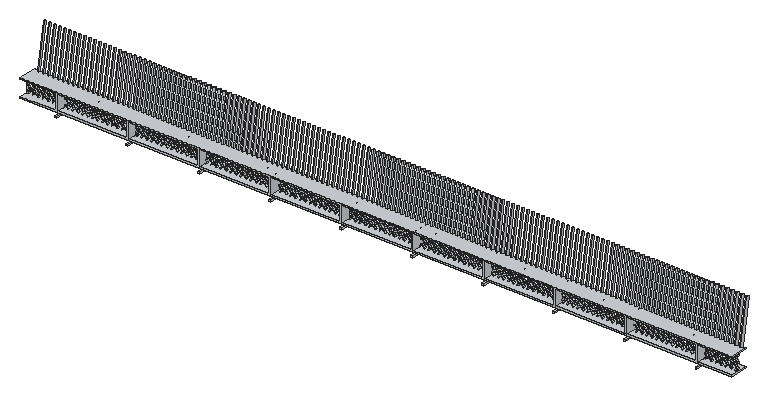
Revit family "Nedsale_venti panlat_Generic Model_2017", category Generic Models, Revit 2017 (continued)
Forms (mm)
  Extrusion 51, void
    sketch origin (676.237, 0, 0) x (1, 0, 0) y (0, 0, 1)
      loop
        line (13.002, 31) -> (9.002, 31) -> (7.002, 27.536) -> (9.002, 24.072) -> (13.002, 24.072) -> (15.002, 27.536) -> (13.002, 31)
      loop
        line (13.002, 22.964) -> (9.002, 22.964) -> (7.002, 19.5) -> (9.002, 16.036) -> (13.002, 16.036) -> (15.002, 19.5) -> (13.002, 22.964)
      loop
        line (13.002, 14.928) -> (9.002, 14.928) -> (7.002, 11.464) -> (9.002, 8) -> (13.002, 8) -> (15.002, 11.464) -> (13.002, 14.928)
      loop
        line (19.961, 26.982) -> (15.961, 26.982) -> (13.961, 23.518) -> (15.961, 20.054) -> (19.961, 20.054) -> (21.961, 23.518) -> (19.961, 26.982)
      loop
        line (19.961, 18.946) -> (15.961, 18.946) -> (13.961, 15.482) -> (15.961, 12.018) -> (19.961, 12.018) -> (21.961, 15.482) -> (19.961, 18.946)
      loop
        line (19.961, 10.91) -> (15.961, 10.91) -> (14.281, 8) -> (21.641, 8) -> (19.961, 10.91)
      loop
        line (21.641, 31) -> (14.281, 31) -> (15.961, 28.09) -> (19.961, 28.09) -> (21.641, 31)
    from -34.103 to 250
  Extrusion 52, void
    sketch origin (690.155, 0, 0) x (1, 0, 0) y (0, 0, 1)
      loop
        line (13.002, 31) -> (9.002, 31) -> (7.002, 27.536) -> (9.002, 24.072) -> (13.002, 24.072) -> (15.002, 27.536) -> (13.002, 31)
      loop
        line (13.002, 22.964) -> (9.002, 22.964) -> (7.002, 19.5) -> (9.002, 16.036) -> (13.002, 16.036) -> (15.002, 19.5) -> (13.002, 22.964)
      loop
        line (13.002, 14.928) -> (9.002, 14.928) -> (7.002, 11.464) -> (9.002, 8) -> (13.002, 8) -> (15.002, 11.464) -> (13.002, 14.928)
      loop
        line (19.961, 26.982) -> (15.961, 26.982) -> (13.961, 23.518) -> (15.961, 20.054) -> (19.961, 20.054) -> (21.961, 23.518) -> (19.961, 26.982)
      loop
        line (19.961, 18.946) -> (15.961, 18.946) -> (13.961, 15.482) -> (15.961, 12.018) -> (19.961, 12.018) -> (21.961, 15.482) -> (19.961, 18.946)
      loop
        line (19.961, 10.91) -> (15.961, 10.91) -> (14.281, 8) -> (21.641, 8) -> (19.961, 10.91)
      loop
        line (21.641, 31) -> (14.281, 31) -> (15.961, 28.09) -> (19.961, 28.09) -> (21.641, 31)
    from -34.103 to 250
  Extrusion 53, void
    sketch origin (704.074, 0, 0) x (1, 0, 0) y (0, 0, 1)
      loop
        line (13.002, 31) -> (9.002, 31) -> (7.002, 27.536) -> (9.002, 24.072) -> (13.002, 24.072) -> (15.002, 27.536) -> (13.002, 31)
      loop
        line (13.002, 22.964) -> (9.002, 22.964) -> (7.002, 19.5) -> (9.002, 16.036) -> (13.002, 16.036) -> (15.002, 19.5) -> (13.002, 22.964)
      loop
        line (13.002, 14.928) -> (9.002, 14.928) -> (7.002, 11.464) -> (9.002, 8) -> (13.002, 8) -> (15.002, 11.464) -> (13.002, 14.928)
      loop
        line (19.961, 26.982) -> (15.961, 26.982) -> (13.961, 23.518) -> (15.961, 20.054) -> (19.961, 20.054) -> (21.961, 23.518) -> (19.961, 26.982)
      loop
        line (19.961, 18.946) -> (15.961, 18.946) -> (13.961, 15.482) -> (15.961, 12.018) -> (19.961, 12.018) -> (21.961, 15.482) -> (19.961, 18.946)
      loop
        line (19.961, 10.91) -> (15.961, 10.91) -> (14.281, 8) -> (21.641, 8) -> (19.961, 10.91)
      loop
        line (21.641, 31) -> (14.281, 31) -> (15.961, 28.09) -> (19.961, 28.09) -> (21.641, 31)
    from -34.103 to 250
  Extrusion 54, void
    sketch origin (717.992, 0, 0) x (1, 0, 0) y (0, 0, 1)
      loop
        line (13.002, 31) -> (9.002, 31) -> (7.002, 27.536) -> (9.002, 24.072) -> (13.002, 24.072) -> (15.002, 27.536) -> (13.002, 31)
      loop
        line (13.002, 22.964) -> (9.002, 22.964) -> (7.002, 19.5) -> (9.002, 16.036) -> (13.002, 16.036) -> (15.002, 19.5) -> (13.002, 22.964)
      loop
        line (13.002, 14.928) -> (9.002, 14.928) -> (7.002, 11.464) -> (9.002, 8) -> (13.002, 8) -> (15.002, 11.464) -> (13.002, 14.928)
      loop
        line (19.961, 26.982) -> (15.961, 26.982) -> (13.961, 23.518) -> (15.961, 20.054) -> (19.961, 20.054) -> (21.961, 23.518) -> (19.961, 26.982)
      loop
        line (19.961, 18.946) -> (15.961, 18.946) -> (13.961, 15.482) -> (15.961, 12.018) -> (19.961, 12.018) -> (21.961, 15.482) -> (19.961, 18.946)
      loop
        line (19.961, 10.91) -> (15.961, 10.91) -> (14.281, 8) -> (21.641, 8) -> (19.961, 10.91)
      loop
        line (21.641, 31) -> (14.281, 31) -> (15.961, 28.09) -> (19.961, 28.09) -> (21.641, 31)
    from -34.103 to 250
  Extrusion 55, void
    sketch origin (731.911, 0, 0) x (1, 0, 0) y (0, 0, 1)
      loop
        line (13.002, 31) -> (9.002, 31) -> (7.002, 27.536) -> (9.002, 24.072) -> (13.002, 24.072) -> (15.002, 27.536) -> (13.002, 31)
      loop
        line (13.002, 22.964) -> (9.002, 22.964) -> (7.002, 19.5) -> (9.002, 16.036) -> (13.002, 16.036) -> (15.002, 19.5) -> (13.002, 22.964)
      loop
        line (13.002, 14.928) -> (9.002, 14.928) -> (7.002, 11.464) -> (9.002, 8) -> (13.002, 8) -> (15.002, 11.464) -> (13.002, 14.928)
      loop
        line (19.961, 26.982) -> (15.961, 26.982) -> (13.961, 23.518) -> (15.961, 20.054) -> (19.961, 20.054) -> (21.961, 23.518) -> (19.961, 26.982)
      loop
        line (19.961, 18.946) -> (15.961, 18.946) -> (13.961, 15.482) -> (15.961, 12.018) -> (19.961, 12.018) -> (21.961, 15.482) -> (19.961, 18.946)
      loop
        line (19.961, 10.91) -> (15.961, 10.91) -> (14.281, 8) -> (21.641, 8) -> (19.961, 10.91)
      loop
        line (21.641, 31) -> (14.281, 31) -> (15.961, 28.09) -> (19.961, 28.09) -> (21.641, 31)
    from -34.103 to 250
  Extrusion 56, void
    sketch origin (745.829, 0, 0) x (1, 0, 0) y (0, 0, 1)
      loop
        line (13.002, 31) -> (9.002, 31) -> (7.002, 27.536) -> (9.002, 24.072) -> (13.002, 24.072) -> (15.002, 27.536) -> (13.002, 31)
      loop
        line (13.002, 22.964) -> (9.002, 22.964) -> (7.002, 19.5) -> (9.002, 16.036) -> (13.002, 16.036) -> (15.002, 19.5) -> (13.002, 22.964)
      loop
        line (13.002, 14.928) -> (9.002, 14.928) -> (7.002, 11.464) -> (9.002, 8) -> (13.002, 8) -> (15.002, 11.464) -> (13.002, 14.928)
      loop
        line (19.961, 26.982) -> (15.961, 26.982) -> (13.961, 23.518) -> (15.961, 20.054) -> (19.961, 20.054) -> (21.961, 23.518) -> (19.961, 26.982)
      loop
        line (19.961, 18.946) -> (15.961, 18.946) -> (13.961, 15.482) -> (15.961, 12.018) -> (19.961, 12.018) -> (21.961, 15.482) -> (19.961, 18.946)
      loop
        line (19.961, 10.91) -> (15.961, 10.91) -> (14.281, 8) -> (21.641, 8) -> (19.961, 10.91)
      loop
        line (21.641, 31) -> (14.281, 31) -> (15.961, 28.09) -> (19.961, 28.09) -> (21.641, 31)
    from -34.103 to 250
  Extrusion 57, void
    sketch origin (759.748, 0, 0) x (1, 0, 0) y (0, 0, 1)
      loop
        line (13.002, 31) -> (9.002, 31) -> (7.002, 27.536) -> (9.002, 24.072) -> (13.002, 24.072) -> (15.002, 27.536) -> (13.002, 31)
      loop
        line (13.002, 22.964) -> (9.002, 22.964) -> (7.002, 19.5) -> (9.002, 16.036) -> (13.002, 16.036) -> (15.002, 19.5) -> (13.002, 22.964)
      loop
        line (13.002, 14.928) -> (9.002, 14.928) -> (7.002, 11.464) -> (9.002, 8) -> (13.002, 8) -> (15.002, 11.464) -> (13.002, 14.928)
      loop
        line (19.961, 26.982) -> (15.961, 26.982) -> (13.961, 23.518) -> (15.961, 20.054) -> (19.961, 20.054) -> (21.961, 23.518) -> (19.961, 26.982)
      loop
        line (19.961, 18.946) -> (15.961, 18.946) -> (13.961, 15.482) -> (15.961, 12.018) -> (19.961, 12.018) -> (21.961, 15.482) -> (19.961, 18.946)
      loop
        line (19.961, 10.91) -> (15.961, 10.91) -> (14.281, 8) -> (21.641, 8) -> (19.961, 10.91)
      loop
        line (21.641, 31) -> (14.281, 31) -> (15.961, 28.09) -> (19.961, 28.09) -> (21.641, 31)
    from -34.103 to 250
  Extrusion 58, void
    sketch origin (773.667, 0, 0) x (1, 0, 0) y (0, 0, 1)
      loop
        line (13.002, 31) -> (9.002, 31) -> (7.002, 27.536) -> (9.002, 24.072) -> (13.002, 24.072) -> (15.002, 27.536) -> (13.002, 31)
      loop
        line (13.002, 22.964) -> (9.002, 22.964) -> (7.002, 19.5) -> (9.002, 16.036) -> (13.002, 16.036) -> (15.002, 19.5) -> (13.002, 22.964)
      loop
        line (13.002, 14.928) -> (9.002, 14.928) -> (7.002, 11.464) -> (9.002, 8) -> (13.002, 8) -> (15.002, 11.464) -> (13.002, 14.928)
      loop
        line (19.961, 26.982) -> (15.961, 26.982) -> (13.961, 23.518) -> (15.961, 20.054) -> (19.961, 20.054) -> (21.961, 23.518) -> (19.961, 26.982)
      loop
        line (19.961, 18.946) -> (15.961, 18.946) -> (13.961, 15.482) -> (15.961, 12.018) -> (19.961, 12.018) -> (21.961, 15.482) -> (19.961, 18.946)
      loop
        line (19.961, 10.91) -> (15.961, 10.91) -> (14.281, 8) -> (21.641, 8) -> (19.961, 10.91)
      loop
        line (21.641, 31) -> (14.281, 31) -> (15.961, 28.09) -> (19.961, 28.09) -> (21.641, 31)
    from -34.103 to 250
  Extrusion 59, void
    sketch origin (787.585, 0, 0) x (1, 0, 0) y (0, 0, 1)
      loop
        line (13.002, 31) -> (9.002, 31) -> (7.002, 27.536) -> (9.002, 24.072) -> (13.002, 24.072) -> (15.002, 27.536) -> (13.002, 31)
      loop
        line (13.002, 22.964) -> (9.002, 22.964) -> (7.002, 19.5) -> (9.002, 16.036) -> (13.002, 16.036) -> (15.002, 19.5) -> (13.002, 22.964)
      loop
        line (13.002, 14.928) -> (9.002, 14.928) -> (7.002, 11.464) -> (9.002, 8) -> (13.002, 8) -> (15.002, 11.464) -> (13.002, 14.928)
      loop
        line (19.961, 26.982) -> (15.961, 26.982) -> (13.961, 23.518) -> (15.961, 20.054) -> (19.961, 20.054) -> (21.961, 23.518) -> (19.961, 26.982)
      loop
        line (19.961, 18.946) -> (15.961, 18.946) -> (13.961, 15.482) -> (15.961, 12.018) -> (19.961, 12.018) -> (21.961, 15.482) -> (19.961, 18.946)
      loop
        line (19.961, 10.91) -> (15.961, 10.91) -> (14.281, 8) -> (21.641, 8) -> (19.961, 10.91)
      loop
        line (21.641, 31) -> (14.281, 31) -> (15.961, 28.09) -> (19.961, 28.09) -> (21.641, 31)
    from -34.103 to 250
  Extrusion 60, void
    sketch origin (801.504, 0, 0) x (1, 0, 0) y (0, 0, 1)
      loop
        line (13.002, 31) -> (9.002, 31) -> (7.002, 27.536) -> (9.002, 24.072) -> (13.002, 24.072) -> (15.002, 27.536) -> (13.002, 31)
      loop
        line (13.002, 22.964) -> (9.002, 22.964) -> (7.002, 19.5) -> (9.002, 16.036) -> (13.002, 16.036) -> (15.002, 19.5) -> (13.002, 22.964)
      loop
        line (13.002, 14.928) -> (9.002, 14.928) -> (7.002, 11.464) -> (9.002, 8) -> (13.002, 8) -> (15.002, 11.464) -> (13.002, 14.928)
      loop
        line (19.961, 26.982) -> (15.961, 26.982) -> (13.961, 23.518) -> (15.961, 20.054) -> (19.961, 20.054) -> (21.961, 23.518) -> (19.961, 26.982)
      loop
        line (19.961, 18.946) -> (15.961, 18.946) -> (13.961, 15.482) -> (15.961, 12.018) -> (19.961, 12.018) -> (21.961, 15.482) -> (19.961, 18.946)
      loop
        line (19.961, 10.91) -> (15.961, 10.91) -> (14.281, 8) -> (21.641, 8) -> (19.961, 10.91)
      loop
        line (21.641, 31) -> (14.281, 31) -> (15.961, 28.09) -> (19.961, 28.09) -> (21.641, 31)
    from -34.103 to 250
  Extrusion 61, void
    sketch origin (815.422, 0, 0) x (1, 0, 0) y (0, 0, 1)
      loop
        line (13.002, 31) -> (9.002, 31) -> (7.002, 27.536) -> (9.002, 24.072) -> (13.002, 24.072) -> (15.002, 27.536) -> (13.002, 31)
      loop
        line (13.002, 22.964) -> (9.002, 22.964) -> (7.002, 19.5) -> (9.002, 16.036) -> (13.002, 16.036) -> (15.002, 19.5) -> (13.002, 22.964)
      loop
        line (13.002, 14.928) -> (9.002, 14.928) -> (7.002, 11.464) -> (9.002, 8) -> (13.002, 8) -> (15.002, 11.464) -> (13.002, 14.928)
      loop
        line (19.961, 26.982) -> (15.961, 26.982) -> (13.961, 23.518) -> (15.961, 20.054) -> (19.961, 20.054) -> (21.961, 23.518) -> (19.961, 26.982)
      loop
        line (19.961, 18.946) -> (15.961, 18.946) -> (13.961, 15.482) -> (15.961, 12.018) -> (19.961, 12.018) -> (21.961, 15.482) -> (19.961, 18.946)
      loop
        line (19.961, 10.91) -> (15.961, 10.91) -> (14.281, 8) -> (21.641, 8) -> (19.961, 10.91)
      loop
        line (21.641, 31) -> (14.281, 31) -> (15.961, 28.09) -> (19.961, 28.09) -> (21.641, 31)
    from -34.103 to 250
  Extrusion 62, void
    sketch origin (829.341, 0, 0) x (1, 0, 0) y (0, 0, 1)
      loop
        line (13.002, 31) -> (9.002, 31) -> (7.002, 27.536) -> (9.002, 24.072) -> (13.002, 24.072) -> (15.002, 27.536) -> (13.002, 31)
      loop
        line (13.002, 22.964) -> (9.002, 22.964) -> (7.002, 19.5) -> (9.002, 16.036) -> (13.002, 16.036) -> (15.002, 19.5) -> (13.002, 22.964)
      loop
        line (13.002, 14.928) -> (9.002, 14.928) -> (7.002, 11.464) -> (9.002, 8) -> (13.002, 8) -> (15.002, 11.464) -> (13.002, 14.928)
      loop
        line (19.961, 26.982) -> (15.961, 26.982) -> (13.961, 23.518) -> (15.961, 20.054) -> (19.961, 20.054) -> (21.961, 23.518) -> (19.961, 26.982)
      loop
        line (19.961, 18.946) -> (15.961, 18.946) -> (13.961, 15.482) -> (15.961, 12.018) -> (19.961, 12.018) -> (21.961, 15.482) -> (19.961, 18.946)
      loop
        line (19.961, 10.91) -> (15.961, 10.91) -> (14.281, 8) -> (21.641, 8) -> (19.961, 10.91)
      loop
        line (21.641, 31) -> (14.281, 31) -> (15.961, 28.09) -> (19.961, 28.09) -> (21.641, 31)
    from -34.103 to 250
  Extrusion 63, void
    sketch origin (843.26, 0, 0) x (1, 0, 0) y (0, 0, 1)
      loop
        line (13.002, 31) -> (9.002, 31) -> (7.002, 27.536) -> (9.002, 24.072) -> (13.002, 24.072) -> (15.002, 27.536) -> (13.002, 31)
      loop
        line (13.002, 22.964) -> (9.002, 22.964) -> (7.002, 19.5) -> (9.002, 16.036) -> (13.002, 16.036) -> (15.002, 19.5) -> (13.002, 22.964)
      loop
        line (13.002, 14.928) -> (9.002, 14.928) -> (7.002, 11.464) -> (9.002, 8) -> (13.002, 8) -> (15.002, 11.464) -> (13.002, 14.928)
      loop
        line (19.961, 26.982) -> (15.961, 26.982) -> (13.961, 23.518) -> (15.961, 20.054) -> (19.961, 20.054) -> (21.961, 23.518) -> (19.961, 26.982)
      loop
        line (19.961, 18.946) -> (15.961, 18.946) -> (13.961, 15.482) -> (15.961, 12.018) -> (19.961, 12.018) -> (21.961, 15.482) -> (19.961, 18.946)
      loop
        line (19.961, 10.91) -> (15.961, 10.91) -> (14.281, 8) -> (21.641, 8) -> (19.961, 10.91)
      loop
        line (21.641, 31) -> (14.281, 31) -> (15.961, 28.09) -> (19.961, 28.09) -> (21.641, 31)
    from -34.103 to 250
  Extrusion 64, void
    sketch origin (857.178, 0, 0) x (1, 0, 0) y (0, 0, 1)
      loop
        line (13.002, 31) -> (9.002, 31) -> (7.002, 27.536) -> (9.002, 24.072) -> (13.002, 24.072) -> (15.002, 27.536) -> (13.002, 31)
      loop
        line (13.002, 22.964) -> (9.002, 22.964) -> (7.002, 19.5) -> (9.002, 16.036) -> (13.002, 16.036) -> (15.002, 19.5) -> (13.002, 22.964)
      loop
        line (13.002, 14.928) -> (9.002, 14.928) -> (7.002, 11.464) -> (9.002, 8) -> (13.002, 8) -> (15.002, 11.464) -> (13.002, 14.928)
      loop
        line (19.961, 26.982) -> (15.961, 26.982) -> (13.961, 23.518) -> (15.961, 20.054) -> (19.961, 20.054) -> (21.961, 23.518) -> (19.961, 26.982)
      loop
        line (19.961, 18.946) -> (15.961, 18.946) -> (13.961, 15.482) -> (15.961, 12.018) -> (19.961, 12.018) -> (21.961, 15.482) -> (19.961, 18.946)
      loop
        line (19.961, 10.91) -> (15.961, 10.91) -> (14.281, 8) -> (21.641, 8) -> (19.961, 10.91)
      loop
        line (21.641, 31) -> (14.281, 31) -> (15.961, 28.09) -> (19.961, 28.09) -> (21.641, 31)
    from -34.103 to 250
  Extrusion 65, void
    sketch origin (871.097, 0, 0) x (1, 0, 0) y (0, 0, 1)
      loop
        line (13.002, 31) -> (9.002, 31) -> (7.002, 27.536) -> (9.002, 24.072) -> (13.002, 24.072) -> (15.002, 27.536) -> (13.002, 31)
      loop
        line (13.002, 22.964) -> (9.002, 22.964) -> (7.002, 19.5) -> (9.002, 16.036) -> (13.002, 16.036) -> (15.002, 19.5) -> (13.002, 22.964)
      loop
        line (13.002, 14.928) -> (9.002, 14.928) -> (7.002, 11.464) -> (9.002, 8) -> (13.002, 8) -> (15.002, 11.464) -> (13.002, 14.928)
      loop
        line (19.961, 26.982) -> (15.961, 26.982) -> (13.961, 23.518) -> (15.961, 20.054) -> (19.961, 20.054) -> (21.961, 23.518) -> (19.961, 26.982)
      loop
        line (19.961, 18.946) -> (15.961, 18.946) -> (13.961, 15.482) -> (15.961, 12.018) -> (19.961, 12.018) -> (21.961, 15.482) -> (19.961, 18.946)
      loop
        line (19.961, 10.91) -> (15.961, 10.91) -> (14.281, 8) -> (21.641, 8) -> (19.961, 10.91)
      loop
        line (21.641, 31) -> (14.281, 31) -> (15.961, 28.09) -> (19.961, 28.09) -> (21.641, 31)
    from -34.103 to 250
  Extrusion 66, void
    sketch origin (885.015, 0, 0) x (1, 0, 0) y (0, 0, 1)
      loop
        line (13.002, 31) -> (9.002, 31) -> (7.002, 27.536) -> (9.002, 24.072) -> (13.002, 24.072) -> (15.002, 27.536) -> (13.002, 31)
      loop
        line (13.002, 22.964) -> (9.002, 22.964) -> (7.002, 19.5) -> (9.002, 16.036) -> (13.002, 16.036) -> (15.002, 19.5) -> (13.002, 22.964)
      loop
        line (13.002, 14.928) -> (9.002, 14.928) -> (7.002, 11.464) -> (9.002, 8) -> (13.002, 8) -> (15.002, 11.464) -> (13.002, 14.928)
      loop
        line (19.961, 26.982) -> (15.961, 26.982) -> (13.961, 23.518) -> (15.961, 20.054) -> (19.961, 20.054) -> (21.961, 23.518) -> (19.961, 26.982)
      loop
        line (19.961, 18.946) -> (15.961, 18.946) -> (13.961, 15.482) -> (15.961, 12.018) -> (19.961, 12.018) -> (21.961, 15.482) -> (19.961, 18.946)
      loop
        line (19.961, 10.91) -> (15.961, 10.91) -> (14.281, 8) -> (21.641, 8) -> (19.961, 10.91)
      loop
        line (21.641, 31) -> (14.281, 31) -> (15.961, 28.09) -> (19.961, 28.09) -> (21.641, 31)
    from -34.103 to 250
  Extrusion 67, void
    sketch origin (898.934, 0, 0) x (1, 0, 0) y (0, 0, 1)
      loop
        line (13.002, 31) -> (9.002, 31) -> (7.002, 27.536) -> (9.002, 24.072) -> (13.002, 24.072) -> (15.002, 27.536) -> (13.002, 31)
      loop
        line (13.002, 22.964) -> (9.002, 22.964) -> (7.002, 19.5) -> (9.002, 16.036) -> (13.002, 16.036) -> (15.002, 19.5) -> (13.002, 22.964)
      loop
        line (13.002, 14.928) -> (9.002, 14.928) -> (7.002, 11.464) -> (9.002, 8) -> (13.002, 8) -> (15.002, 11.464) -> (13.002, 14.928)
      loop
        line (19.961, 26.982) -> (15.961, 26.982) -> (13.961, 23.518) -> (15.961, 20.054) -> (19.961, 20.054) -> (21.961, 23.518) -> (19.961, 26.982)
      loop
        line (19.961, 18.946) -> (15.961, 18.946) -> (13.961, 15.482) -> (15.961, 12.018) -> (19.961, 12.018) -> (21.961, 15.482) -> (19.961, 18.946)
      loop
        line (19.961, 10.91) -> (15.961, 10.91) -> (14.281, 8) -> (21.641, 8) -> (19.961, 10.91)
      loop
        line (21.641, 31) -> (14.281, 31) -> (15.961, 28.09) -> (19.961, 28.09) -> (21.641, 31)
    from -34.103 to 250
  Extrusion 68, void
    sketch origin (912.852, 0, 0) x (1, 0, 0) y (0, 0, 1)
      loop
        line (13.002, 31) -> (9.002, 31) -> (7.002, 27.536) -> (9.002, 24.072) -> (13.002, 24.072) -> (15.002, 27.536) -> (13.002, 31)
      loop
        line (13.002, 22.964) -> (9.002, 22.964) -> (7.002, 19.5) -> (9.002, 16.036) -> (13.002, 16.036) -> (15.002, 19.5) -> (13.002, 22.964)
      loop
        line (13.002, 14.928) -> (9.002, 14.928) -> (7.002, 11.464) -> (9.002, 8) -> (13.002, 8) -> (15.002, 11.464) -> (13.002, 14.928)
      loop
        line (19.961, 26.982) -> (15.961, 26.982) -> (13.961, 23.518) -> (15.961, 20.054) -> (19.961, 20.054) -> (21.961, 23.518) -> (19.961, 26.982)
      loop
        line (19.961, 18.946) -> (15.961, 18.946) -> (13.961, 15.482) -> (15.961, 12.018) -> (19.961, 12.018) -> (21.961, 15.482) -> (19.961, 18.946)
      loop
        line (19.961, 10.91) -> (15.961, 10.91) -> (14.281, 8) -> (21.641, 8) -> (19.961, 10.91)
      loop
        line (21.641, 31) -> (14.281, 31) -> (15.961, 28.09) -> (19.961, 28.09) -> (21.641, 31)
    from -34.103 to 250
  Extrusion 69, void
    sketch origin (926.771, 0, 0) x (1, 0, 0) y (0, 0, 1)
      loop
        line (13.002, 31) -> (9.002, 31) -> (7.002, 27.536) -> (9.002, 24.072) -> (13.002, 24.072) -> (15.002, 27.536) -> (13.002, 31)
      loop
        line (13.002, 22.964) -> (9.002, 22.964) -> (7.002, 19.5) -> (9.002, 16.036) -> (13.002, 16.036) -> (15.002, 19.5) -> (13.002, 22.964)
      loop
        line (13.002, 14.928) -> (9.002, 14.928) -> (7.002, 11.464) -> (9.002, 8) -> (13.002, 8) -> (15.002, 11.464) -> (13.002, 14.928)
      loop
        line (19.961, 26.982) -> (15.961, 26.982) -> (13.961, 23.518) -> (15.961, 20.054) -> (19.961, 20.054) -> (21.961, 23.518) -> (19.961, 26.982)
      loop
        line (19.961, 18.946) -> (15.961, 18.946) -> (13.961, 15.482) -> (15.961, 12.018) -> (19.961, 12.018) -> (21.961, 15.482) -> (19.961, 18.946)
      loop
        line (19.961, 10.91) -> (15.961, 10.91) -> (14.281, 8) -> (21.641, 8) -> (19.961, 10.91)
      loop
        line (21.641, 31) -> (14.281, 31) -> (15.961, 28.09) -> (19.961, 28.09) -> (21.641, 31)
    from -34.103 to 250
  Extrusion 70, void
    sketch origin (940.69, 0, 0) x (1, 0, 0) y (0, 0, 1)
      loop
        line (13.002, 31) -> (9.002, 31) -> (7.002, 27.536) -> (9.002, 24.072) -> (13.002, 24.072) -> (15.002, 27.536) -> (13.002, 31)
      loop
        line (13.002, 22.964) -> (9.002, 22.964) -> (7.002, 19.5) -> (9.002, 16.036) -> (13.002, 16.036) -> (15.002, 19.5) -> (13.002, 22.964)
      loop
        line (13.002, 14.928) -> (9.002, 14.928) -> (7.002, 11.464) -> (9.002, 8) -> (13.002, 8) -> (15.002, 11.464) -> (13.002, 14.928)
      loop
        line (19.961, 26.982) -> (15.961, 26.982) -> (13.961, 23.518) -> (15.961, 20.054) -> (19.961, 20.054) -> (21.961, 23.518) -> (19.961, 26.982)
      loop
        line (19.961, 18.946) -> (15.961, 18.946) -> (13.961, 15.482) -> (15.961, 12.018) -> (19.961, 12.018) -> (21.961, 15.482) -> (19.961, 18.946)
      loop
        line (19.961, 10.91) -> (15.961, 10.91) -> (14.281, 8) -> (21.641, 8) -> (19.961, 10.91)
      loop
        line (21.641, 31) -> (14.281, 31) -> (15.961, 28.09) -> (19.961, 28.09) -> (21.641, 31)
    from -34.103 to 250
  Extrusion 71, void
    sketch origin (954.608, 0, 0) x (1, 0, 0) y (0, 0, 1)
      loop
        line (13.002, 31) -> (9.002, 31) -> (7.002, 27.536) -> (9.002, 24.072) -> (13.002, 24.072) -> (15.002, 27.536) -> (13.002, 31)
      loop
        line (13.002, 22.964) -> (9.002, 22.964) -> (7.002, 19.5) -> (9.002, 16.036) -> (13.002, 16.036) -> (15.002, 19.5) -> (13.002, 22.964)
      loop
        line (13.002, 14.928) -> (9.002, 14.928) -> (7.002, 11.464) -> (9.002, 8) -> (13.002, 8) -> (15.002, 11.464) -> (13.002, 14.928)
      loop
        line (19.961, 26.982) -> (15.961, 26.982) -> (13.961, 23.518) -> (15.961, 20.054) -> (19.961, 20.054) -> (21.961, 23.518) -> (19.961, 26.982)
      loop
        line (19.961, 18.946) -> (15.961, 18.946) -> (13.961, 15.482) -> (15.961, 12.018) -> (19.961, 12.018) -> (21.961, 15.482) -> (19.961, 18.946)
      loop
        line (19.961, 10.91) -> (15.961, 10.91) -> (14.281, 8) -> (21.641, 8) -> (19.961, 10.91)
      loop
        line (21.641, 31) -> (14.281, 31) -> (15.961, 28.09) -> (19.961, 28.09) -> (21.641, 31)
    from -34.103 to 250
  Extrusion 72, void
    sketch origin (968.527, 0, 0) x (1, 0, 0) y (0, 0, 1)
      loop
        line (13.002, 31) -> (9.002, 31) -> (7.002, 27.536) -> (9.002, 24.072) -> (13.002, 24.072) -> (15.002, 27.536) -> (13.002, 31)
      loop
        line (13.002, 22.964) -> (9.002, 22.964) -> (7.002, 19.5) -> (9.002, 16.036) -> (13.002, 16.036) -> (15.002, 19.5) -> (13.002, 22.964)
      loop
        line (13.002, 14.928) -> (9.002, 14.928) -> (7.002, 11.464) -> (9.002, 8) -> (13.002, 8) -> (15.002, 11.464) -> (13.002, 14.928)
      loop
        line (19.961, 26.982) -> (15.961, 26.982) -> (13.961, 23.518) -> (15.961, 20.054) -> (19.961, 20.054) -> (21.961, 23.518) -> (19.961, 26.982)
      loop
        line (19.961, 18.946) -> (15.961, 18.946) -> (13.961, 15.482) -> (15.961, 12.018) -> (19.961, 12.018) -> (21.961, 15.482) -> (19.961, 18.946)
      loop
        line (19.961, 10.91) -> (15.961, 10.91) -> (14.281, 8) -> (21.641, 8) -> (19.961, 10.91)
      loop
        line (21.641, 31) -> (14.281, 31) -> (15.961, 28.09) -> (19.961, 28.09) -> (21.641, 31)
    from -34.103 to 250
  Extrusion 73, void
    sketch origin (982.445, 0, 0) x (1, 0, 0) y (0, 0, 1)
      loop
        line (13.002, 31) -> (9.002, 31) -> (7.002, 27.536) -> (9.002, 24.072) -> (13.002, 24.072) -> (15.002, 27.536) -> (13.002, 31)
      loop
        line (13.002, 22.964) -> (9.002, 22.964) -> (7.002, 19.5) -> (9.002, 16.036) -> (13.002, 16.036) -> (15.002, 19.5) -> (13.002, 22.964)
      loop
        line (13.002, 14.928) -> (9.002, 14.928) -> (7.002, 11.464) -> (9.002, 8) -> (13.002, 8) -> (15.002, 11.464) -> (13.002, 14.928)
      loop
        line (19.961, 26.982) -> (15.961, 26.982) -> (13.961, 23.518) -> (15.961, 20.054) -> (19.961, 20.054) -> (21.961, 23.518) -> (19.961, 26.982)
      loop
        line (19.961, 18.946) -> (15.961, 18.946) -> (13.961, 15.482) -> (15.961, 12.018) -> (19.961, 12.018) -> (21.961, 15.482) -> (19.961, 18.946)
      loop
        line (19.961, 10.91) -> (15.961, 10.91) -> (14.281, 8) -> (21.641, 8) -> (19.961, 10.91)
      loop
        line (21.641, 31) -> (14.281, 31) -> (15.961, 28.09) -> (19.961, 28.09) -> (21.641, 31)
    from -34.103 to 250
  Extrusion 74, solid
    sketch origin (0, 0, 0) x (0, -1, 0) y (0, 0, -1)
      loop
        line (0, -32) -> (25, -32) -> (25, -7) -> (13.711, -7) -> (13.711, -2) -> (25.89, -2) -> (25.89, 0) -> (0, 0) -> (0, -1.899) -> (11.711, -1.899) -> (11.711, -7) -> (0, -7) -> (0, -32)
    from 49.625 to 52.345
  Extrusion 75, solid
    sketch origin (100, 0, 0) x (0, -1, 0) y (0, 0, -1)
      loop
        line (0, -32) -> (25, -32) -> (25, -7) -> (13.711, -7) -> (13.711, -2) -> (25.89, -2) -> (25.89, 0) -> (0, 0) -> (0, -1.899) -> (11.711, -1.899) -> (11.711, -7) -> (0, -7) -> (0, -32)
    from 49.625 to 52.345
  Extrusion 76, solid
    sketch origin (200, 0, 0) x (0, -1, 0) y (0, 0, -1)
      loop
        line (0, -32) -> (25, -32) -> (25, -7) -> (13.711, -7) -> (13.711, -2) -> (25.89, -2) -> (25.89, 0) -> (0, 0) -> (0, -1.899) -> (11.711, -1.899) -> (11.711, -7) -> (0, -7) -> (0, -32)
    from 49.625 to 52.345
  Extrusion 77, solid
    sketch origin (300, 0, 0) x (0, -1, 0) y (0, 0, -1)
      loop
        line (0, -32) -> (25, -32) -> (25, -7) -> (13.711, -7) -> (13.711, -2) -> (25.89, -2) -> (25.89, 0) -> (0, 0) -> (0, -1.899) -> (11.711, -1.899) -> (11.711, -7) -> (0, -7) -> (0, -32)
    from 49.625 to 52.345
  Extrusion 78, solid
    sketch origin (400, 0, 0) x (0, -1, 0) y (0, 0, -1)
      loop
        line (0, -32) -> (25, -32) -> (25, -7) -> (13.711, -7) -> (13.711, -2) -> (25.89, -2) -> (25.89, 0) -> (0, 0) -> (0, -1.899) -> (11.711, -1.899) -> (11.711, -7) -> (0, -7) -> (0, -32)
    from 49.625 to 52.345
  Extrusion 79, solid
    sketch origin (500, 0, 0) x (0, -1, 0) y (0, 0, -1)
      loop
        line (0, -32) -> (25, -32) -> (25, -7) -> (13.711, -7) -> (13.711, -2) -> (25.89, -2) -> (25.89, 0) -> (0, 0) -> (0, -1.899) -> (11.711, -1.899) -> (11.711, -7) -> (0, -7) -> (0, -32)
    from 49.625 to 52.345
  Extrusion 80, solid
    sketch origin (600, 0, 0) x (0, -1, 0) y (0, 0, -1)
      loop
        line (0, -32) -> (25, -32) -> (25, -7) -> (13.711, -7) -> (13.711, -2) -> (25.89, -2) -> (25.89, 0) -> (0, 0) -> (0, -1.899) -> (11.711, -1.899) -> (11.711, -7) -> (0, -7) -> (0, -32)
    from 49.625 to 52.345
  Extrusion 81, solid
    sketch origin (700, 0, 0) x (0, -1, 0) y (0, 0, -1)
      loop
        line (0, -32) -> (25, -32) -> (25, -7) -> (13.711, -7) -> (13.711, -2) -> (25.89, -2) -> (25.89, 0) -> (0, 0) -> (0, -1.899) -> (11.711, -1.899) -> (11.711, -7) -> (0, -7) -> (0, -32)
    from 49.625 to 52.345
  Extrusion 82, solid
    sketch origin (800, 0, 0) x (0, -1, 0) y (0, 0, -1)
      loop
        line (0, -32) -> (25, -32) -> (25, -7) -> (13.711, -7) -> (13.711, -2) -> (25.89, -2) -> (25.89, 0) -> (0, 0) -> (0, -1.899) -> (11.711, -1.899) -> (11.711, -7) -> (0, -7) -> (0, -32)
    from 49.625 to 52.345
  Extrusion 83, solid
    sketch origin (900, 0, 0) x (0, -1, 0) y (0, 0, -1)
      loop
        line (0, -32) -> (25, -32) -> (25, -7) -> (13.711, -7) -> (13.711, -2) -> (25.89, -2) -> (25.89, 0) -> (0, 0) -> (0, -1.899) -> (11.711, -1.899) -> (11.711, -7) -> (0, -7) -> (0, -32)
    from 49.625 to 52.345
  Extrusion 84, solid
    sketch origin (0, 0, 0) x (0, -1, 0) y (0, 0, -1)
      loop
        line (0, -32) -> (25, -32) -> (25, -30.499) -> (0, -30.499) -> (0, -32)
      loop
        line (0, -8.501) -> (25, -8.501) -> (25, -7) -> (0, -7) -> (0, -8.501)
    from 0 to 1000
Cuts and joins
  Extrusion 2, Extrusion 3, Extrusion 4, Extrusion 5, Extrusion 6, Extrusion 7, Extrusion 8, Extrusion 9, Extrusion 10, Extrusion 11, Extrusion 12, Extrusion 13, Extrusion 14, Extrusion 15, Extrusion 16, Extrusion 17, Extrusion 18, Extrusion 19, Extrusion 20, Extrusion 21, Extrusion 22, Extrusion 23, Extrusion 24, Extrusion 25, Extrusion 26, Extrusion 27, Extrusion 28, Extrusion 29, Extrusion 30, Extrusion 31, Extrusion 32, Extrusion 33, Extrusion 34, Extrusion 35, Extrusion 36, Extrusion 37, Extrusion 38, Extrusion 39, Extrusion 40, Extrusion 41, Extrusion 42, Extrusion 43, Extrusion 44, Extrusion 45, Extrusion 46, Extrusion 47, Extrusion 48, Extrusion 49, Extrusion 50, Extrusion 51, Extrusion 52, Extrusion 53, Extrusion 54, Extrusion 55, Extrusion 56, Extrusion 57, Extrusion 58, Extrusion 59, Extrusion 60, Extrusion 61, Extrusion 62, Extrusion 63, Extrusion 64, Extrusion 65, Extrusion 66, Extrusion 67, Extrusion 68, Extrusion 69, Extrusion 70, Extrusion 71, Extrusion 72, Extrusion 73 cuts Extrusion 1
  joined: Extrusion 1, Extrusion 74, Extrusion 75, Extrusion 76, Extrusion 77, Extrusion 78, Extrusion 79, Extrusion 80, Extrusion 81, Extrusion 82, Extrusion 83, Extrusion 84
Dimensions and locks
  equal spacing: group 1, group 2, group 3, group 4, group 5, group 6, group 7, group 8, group 9, group 10, group 11, group 12, group 13, group 14, group 15, group 16, group 17, group 18, group 19, group 20, group 21, group 22, group 23, group 24, group 25, group 26, group 27, group 28, group 29, group 30, group 31, group 32, group 33, group 34, group 35, group 36, group 37, group 38, group 39, group 40, group 41, group 42, group 43, group 44, group 45, group 46, group 47, group 48, group 49, group 50, group 51, group 52, group 53, group 54, group 55, group 56, group 57, group 58, group 59, group 60, group 61, group 62, group 63, group 64, group 65, group 66, group 67, group 68, group 69, group 70, group 71, group 72  (x3)
  aligned and locked: level to plane 2
Automatic sketch dimensions
  Extrusion 2 sketch curve to Extrusion 2 sketch curve = 0 mm  (x11)
  Extrusion 2 sketch curve to Extrusion 2 sketch curve = 4 mm  (x7)
  Extrusion 2 sketch curve to Extrusion 2 sketch curve = 0.959 mm  (x7)
  Extrusion 2 sketch curve to Extrusion 2 sketch curve = 1.279 mm  (x2)
  Extrusion 2 sketch curve to Extrusion 2 sketch curve = 0.721 mm  (x2)
  Extrusion 2 sketch curve to Extrusion 2 sketch curve = 2 mm  (x7)
  Extrusion 2 sketch curve to Extrusion 2 sketch curve = 1.68 mm  (x2)
  Extrusion 2 sketch curve to Extrusion 2 sketch curve = 2.91 mm  (x2)
  Extrusion 2 sketch curve to Extrusion 2 sketch curve = 3.464 mm  (x10)
  Extrusion 2 sketch curve to Extrusion 2 sketch curve = 0.554 mm  (x7)
  Extrusion 2 sketch curve to Extrusion 2 sketch curve = 1.108 mm  (x3)
  Extrusion 3 sketch curve to Extrusion 3 sketch curve = 0 mm  (x11)
  Extrusion 3 sketch curve to Extrusion 3 sketch curve = 4 mm  (x7)
  Extrusion 3 sketch curve to Extrusion 3 sketch curve = 0.959 mm  (x7)
  Extrusion 3 sketch curve to Extrusion 3 sketch curve = 1.279 mm  (x2)
  Extrusion 3 sketch curve to Extrusion 3 sketch curve = 0.721 mm  (x2)
  Extrusion 3 sketch curve to Extrusion 3 sketch curve = 2 mm  (x7)
  Extrusion 3 sketch curve to Extrusion 3 sketch curve = 1.68 mm  (x2)
  Extrusion 3 sketch curve to Extrusion 3 sketch curve = 2.91 mm  (x2)
  Extrusion 3 sketch curve to Extrusion 3 sketch curve = 3.464 mm  (x10)
  Extrusion 3 sketch curve to Extrusion 3 sketch curve = 0.554 mm  (x7)
  Extrusion 3 sketch curve to Extrusion 3 sketch curve = 1.108 mm  (x3)
  Extrusion 4 sketch curve to Extrusion 4 sketch curve = 0 mm  (x11)
  Extrusion 4 sketch curve to Extrusion 4 sketch curve = 4 mm  (x7)
  Extrusion 4 sketch curve to Extrusion 4 sketch curve = 0.959 mm  (x7)
  Extrusion 4 sketch curve to Extrusion 4 sketch curve = 1.279 mm  (x2)
  Extrusion 4 sketch curve to Extrusion 4 sketch curve = 0.721 mm  (x2)
  Extrusion 4 sketch curve to Extrusion 4 sketch curve = 2 mm  (x7)
  Extrusion 4 sketch curve to Extrusion 4 sketch curve = 1.68 mm  (x2)
  Extrusion 4 sketch curve to Extrusion 4 sketch curve = 2.91 mm  (x2)
  Extrusion 4 sketch curve to Extrusion 4 sketch curve = 3.464 mm  (x10)
  Extrusion 4 sketch curve to Extrusion 4 sketch curve = 0.554 mm  (x7)
  Extrusion 4 sketch curve to Extrusion 4 sketch curve = 1.108 mm  (x3)
  Extrusion 5 sketch curve to Extrusion 5 sketch curve = 0 mm  (x11)
  Extrusion 5 sketch curve to Extrusion 5 sketch curve = 4 mm  (x7)
  Extrusion 5 sketch curve to Extrusion 5 sketch curve = 0.959 mm  (x7)
  Extrusion 5 sketch curve to Extrusion 5 sketch curve = 1.279 mm  (x2)
  Extrusion 5 sketch curve to Extrusion 5 sketch curve = 0.721 mm  (x2)
  Extrusion 5 sketch curve to Extrusion 5 sketch curve = 2 mm  (x7)
  Extrusion 5 sketch curve to Extrusion 5 sketch curve = 1.68 mm  (x2)
  Extrusion 5 sketch curve to Extrusion 5 sketch curve = 2.91 mm  (x2)
  Extrusion 5 sketch curve to Extrusion 5 sketch curve = 3.464 mm  (x10)
  Extrusion 5 sketch curve to Extrusion 5 sketch curve = 0.554 mm  (x7)
  Extrusion 5 sketch curve to Extrusion 5 sketch curve = 1.108 mm  (x3)
  Extrusion 6 sketch curve to Extrusion 6 sketch curve = 0 mm  (x11)
  Extrusion 6 sketch curve to Extrusion 6 sketch curve = 4 mm  (x7)
  Extrusion 6 sketch curve to Extrusion 6 sketch curve = 0.959 mm  (x7)
  Extrusion 6 sketch curve to Extrusion 6 sketch curve = 1.279 mm  (x2)
  Extrusion 6 sketch curve to Extrusion 6 sketch curve = 0.721 mm  (x2)
  Extrusion 6 sketch curve to Extrusion 6 sketch curve = 2 mm  (x7)
  Extrusion 6 sketch curve to Extrusion 6 sketch curve = 1.68 mm  (x2)
  Extrusion 6 sketch curve to Extrusion 6 sketch curve = 2.91 mm  (x2)
  Extrusion 6 sketch curve to Extrusion 6 sketch curve = 3.464 mm  (x10)
  Extrusion 6 sketch curve to Extrusion 6 sketch curve = 0.554 mm  (x7)
  Extrusion 6 sketch curve to Extrusion 6 sketch curve = 1.108 mm  (x3)
  Extrusion 7 sketch curve to Extrusion 7 sketch curve = 0 mm  (x11)
  Extrusion 7 sketch curve to Extrusion 7 sketch curve = 4 mm  (x7)
  Extrusion 7 sketch curve to Extrusion 7 sketch curve = 0.959 mm  (x7)
  Extrusion 7 sketch curve to Extrusion 7 sketch curve = 1.279 mm  (x2)
  Extrusion 7 sketch curve to Extrusion 7 sketch curve = 0.721 mm  (x2)
  Extrusion 7 sketch curve to Extrusion 7 sketch curve = 2 mm  (x7)
  Extrusion 7 sketch curve to Extrusion 7 sketch curve = 1.68 mm  (x2)
  Extrusion 7 sketch curve to Extrusion 7 sketch curve = 2.91 mm  (x2)
  Extrusion 7 sketch curve to Extrusion 7 sketch curve = 3.464 mm  (x10)
  Extrusion 7 sketch curve to Extrusion 7 sketch curve = 0.554 mm  (x7)
  Extrusion 7 sketch curve to Extrusion 7 sketch curve = 1.108 mm  (x3)
  Extrusion 8 sketch curve to Extrusion 8 sketch curve = 0 mm  (x11)
  Extrusion 8 sketch curve to Extrusion 8 sketch curve = 4 mm  (x7)
  Extrusion 8 sketch curve to Extrusion 8 sketch curve = 0.959 mm  (x7)
  Extrusion 8 sketch curve to Extrusion 8 sketch curve = 1.279 mm  (x2)
  Extrusion 8 sketch curve to Extrusion 8 sketch curve = 0.721 mm  (x2)
  Extrusion 8 sketch curve to Extrusion 8 sketch curve = 2 mm  (x7)
  Extrusion 8 sketch curve to Extrusion 8 sketch curve = 1.68 mm  (x2)
  Extrusion 8 sketch curve to Extrusion 8 sketch curve = 2.91 mm  (x2)
  Extrusion 8 sketch curve to Extrusion 8 sketch curve = 3.464 mm  (x10)
  Extrusion 8 sketch curve to Extrusion 8 sketch curve = 0.554 mm  (x7)
  Extrusion 8 sketch curve to Extrusion 8 sketch curve = 1.108 mm  (x3)
  Extrusion 9 sketch curve to Extrusion 9 sketch curve = 0 mm  (x11)
  Extrusion 9 sketch curve to Extrusion 9 sketch curve = 4 mm  (x7)
  Extrusion 9 sketch curve to Extrusion 9 sketch curve = 0.959 mm  (x7)
  Extrusion 9 sketch curve to Extrusion 9 sketch curve = 1.279 mm  (x2)
  Extrusion 9 sketch curve to Extrusion 9 sketch curve = 0.721 mm  (x2)
  Extrusion 9 sketch curve to Extrusion 9 sketch curve = 2 mm  (x7)
  Extrusion 9 sketch curve to Extrusion 9 sketch curve = 1.68 mm  (x2)
  Extrusion 9 sketch curve to Extrusion 9 sketch curve = 2.91 mm  (x2)
  Extrusion 9 sketch curve to Extrusion 9 sketch curve = 3.464 mm  (x10)
  Extrusion 9 sketch curve to Extrusion 9 sketch curve = 0.554 mm  (x7)
  Extrusion 9 sketch curve to Extrusion 9 sketch curve = 1.108 mm  (x3)
  Extrusion 10 sketch curve to Extrusion 10 sketch curve = 0 mm  (x11)
  Extrusion 10 sketch curve to Extrusion 10 sketch curve = 4 mm  (x7)
  Extrusion 10 sketch curve to Extrusion 10 sketch curve = 0.959 mm  (x7)
  Extrusion 10 sketch curve to Extrusion 10 sketch curve = 1.279 mm  (x2)
  Extrusion 10 sketch curve to Extrusion 10 sketch curve = 0.721 mm  (x2)
  Extrusion 10 sketch curve to Extrusion 10 sketch curve = 2 mm  (x7)
  Extrusion 10 sketch curve to Extrusion 10 sketch curve = 1.68 mm  (x2)
  Extrusion 10 sketch curve to Extrusion 10 sketch curve = 2.91 mm  (x2)
  Extrusion 10 sketch curve to Extrusion 10 sketch curve = 3.464 mm  (x10)
  Extrusion 10 sketch curve to Extrusion 10 sketch curve = 0.554 mm  (x7)
  Extrusion 10 sketch curve to Extrusion 10 sketch curve = 1.108 mm  (x3)
  Extrusion 11 sketch curve to Extrusion 11 sketch curve = 0 mm  (x11)
  Extrusion 11 sketch curve to Extrusion 11 sketch curve = 4 mm  (x7)
  Extrusion 11 sketch curve to Extrusion 11 sketch curve = 0.959 mm  (x7)
  Extrusion 11 sketch curve to Extrusion 11 sketch curve = 1.279 mm  (x2)
  Extrusion 11 sketch curve to Extrusion 11 sketch curve = 0.721 mm  (x2)
  Extrusion 11 sketch curve to Extrusion 11 sketch curve = 2 mm  (x7)
  Extrusion 11 sketch curve to Extrusion 11 sketch curve = 1.68 mm  (x2)
  Extrusion 11 sketch curve to Extrusion 11 sketch curve = 2.91 mm  (x2)
  Extrusion 11 sketch curve to Extrusion 11 sketch curve = 3.464 mm  (x10)
  Extrusion 11 sketch curve to Extrusion 11 sketch curve = 0.554 mm  (x7)
  Extrusion 11 sketch curve to Extrusion 11 sketch curve = 1.108 mm  (x3)
  Extrusion 12 sketch curve to Extrusion 12 sketch curve = 0 mm  (x11)
  Extrusion 12 sketch curve to Extrusion 12 sketch curve = 4 mm  (x7)
  Extrusion 12 sketch curve to Extrusion 12 sketch curve = 0.959 mm  (x7)
  Extrusion 12 sketch curve to Extrusion 12 sketch curve = 1.279 mm  (x2)
  Extrusion 12 sketch curve to Extrusion 12 sketch curve = 0.721 mm  (x2)
  Extrusion 12 sketch curve to Extrusion 12 sketch curve = 2 mm  (x7)
  Extrusion 12 sketch curve to Extrusion 12 sketch curve = 1.68 mm  (x2)
  Extrusion 12 sketch curve to Extrusion 12 sketch curve = 2.91 mm  (x2)
  Extrusion 12 sketch curve to Extrusion 12 sketch curve = 3.464 mm  (x10)
  Extrusion 12 sketch curve to Extrusion 12 sketch curve = 0.554 mm  (x7)
  Extrusion 12 sketch curve to Extrusion 12 sketch curve = 1.108 mm  (x3)
  Extrusion 13 sketch curve to Extrusion 13 sketch curve = 0 mm  (x11)
  Extrusion 13 sketch curve to Extrusion 13 sketch curve = 4 mm  (x7)
  Extrusion 13 sketch curve to Extrusion 13 sketch curve = 0.959 mm  (x7)
  Extrusion 13 sketch curve to Extrusion 13 sketch curve = 1.279 mm  (x2)
  Extrusion 13 sketch curve to Extrusion 13 sketch curve = 0.721 mm  (x2)
  Extrusion 13 sketch curve to Extrusion 13 sketch curve = 2 mm  (x7)
  Extrusion 13 sketch curve to Extrusion 13 sketch curve = 1.68 mm  (x2)
  Extrusion 13 sketch curve to Extrusion 13 sketch curve = 2.91 mm  (x2)
  Extrusion 13 sketch curve to Extrusion 13 sketch curve = 3.464 mm  (x10)
  Extrusion 13 sketch curve to Extrusion 13 sketch curve = 0.554 mm  (x7)
  Extrusion 13 sketch curve to Extrusion 13 sketch curve = 1.108 mm  (x3)
  Extrusion 14 sketch curve to Extrusion 14 sketch curve = 0 mm  (x11)
  Extrusion 14 sketch curve to Extrusion 14 sketch curve = 4 mm  (x7)
  Extrusion 14 sketch curve to Extrusion 14 sketch curve = 0.959 mm  (x7)
  Extrusion 14 sketch curve to Extrusion 14 sketch curve = 1.279 mm  (x2)
  Extrusion 14 sketch curve to Extrusion 14 sketch curve = 0.721 mm  (x2)
  Extrusion 14 sketch curve to Extrusion 14 sketch curve = 2 mm  (x7)
  Extrusion 14 sketch curve to Extrusion 14 sketch curve = 1.68 mm  (x2)
  Extrusion 14 sketch curve to Extrusion 14 sketch curve = 2.91 mm  (x2)
  Extrusion 14 sketch curve to Extrusion 14 sketch curve = 3.464 mm  (x10)
  Extrusion 14 sketch curve to Extrusion 14 sketch curve = 0.554 mm  (x7)
  Extrusion 14 sketch curve to Extrusion 14 sketch curve = 1.108 mm  (x3)
  Extrusion 15 sketch curve to Extrusion 15 sketch curve = 0 mm  (x11)
  Extrusion 15 sketch curve to Extrusion 15 sketch curve = 4 mm  (x7)
  Extrusion 15 sketch curve to Extrusion 15 sketch curve = 0.959 mm  (x7)
  Extrusion 15 sketch curve to Extrusion 15 sketch curve = 1.279 mm  (x2)
  Extrusion 15 sketch curve to Extrusion 15 sketch curve = 0.721 mm  (x2)
  Extrusion 15 sketch curve to Extrusion 15 sketch curve = 2 mm  (x7)
  Extrusion 15 sketch curve to Extrusion 15 sketch curve = 1.68 mm  (x2)
  Extrusion 15 sketch curve to Extrusion 15 sketch curve = 2.91 mm  (x2)
  Extrusion 15 sketch curve to Extrusion 15 sketch curve = 3.464 mm  (x10)
  Extrusion 15 sketch curve to Extrusion 15 sketch curve = 0.554 mm  (x7)
  Extrusion 15 sketch curve to Extrusion 15 sketch curve = 1.108 mm  (x3)
  Extrusion 16 sketch curve to Extrusion 16 sketch curve = 0 mm  (x11)
  Extrusion 16 sketch curve to Extrusion 16 sketch curve = 4 mm  (x7)
  Extrusion 16 sketch curve to Extrusion 16 sketch curve = 0.959 mm  (x7)
  Extrusion 16 sketch curve to Extrusion 16 sketch curve = 1.279 mm  (x2)
  Extrusion 16 sketch curve to Extrusion 16 sketch curve = 0.721 mm  (x2)
  Extrusion 16 sketch curve to Extrusion 16 sketch curve = 2 mm  (x7)
  Extrusion 16 sketch curve to Extrusion 16 sketch curve = 1.68 mm  (x2)
  Extrusion 16 sketch curve to Extrusion 16 sketch curve = 2.91 mm  (x2)
  Extrusion 16 sketch curve to Extrusion 16 sketch curve = 3.464 mm  (x10)
  Extrusion 16 sketch curve to Extrusion 16 sketch curve = 0.554 mm  (x7)
  Extrusion 16 sketch curve to Extrusion 16 sketch curve = 1.108 mm  (x3)
  Extrusion 17 sketch curve to Extrusion 17 sketch curve = 0 mm  (x11)
  Extrusion 17 sketch curve to Extrusion 17 sketch curve = 4 mm  (x7)
  Extrusion 17 sketch curve to Extrusion 17 sketch curve = 0.959 mm  (x7)
  Extrusion 17 sketch curve to Extrusion 17 sketch curve = 1.279 mm  (x2)
  Extrusion 17 sketch curve to Extrusion 17 sketch curve = 0.721 mm  (x2)
  Extrusion 17 sketch curve to Extrusion 17 sketch curve = 2 mm  (x7)
  Extrusion 17 sketch curve to Extrusion 17 sketch curve = 1.68 mm  (x2)
  Extrusion 17 sketch curve to Extrusion 17 sketch curve = 2.91 mm  (x2)
  Extrusion 17 sketch curve to Extrusion 17 sketch curve = 3.464 mm  (x10)
  Extrusion 17 sketch curve to Extrusion 17 sketch curve = 0.554 mm  (x7)
  Extrusion 17 sketch curve to Extrusion 17 sketch curve = 1.108 mm  (x3)
  Extrusion 18 sketch curve to Extrusion 18 sketch curve = 0 mm  (x11)
  Extrusion 18 sketch curve to Extrusion 18 sketch curve = 4 mm  (x7)
  Extrusion 18 sketch curve to Extrusion 18 sketch curve = 0.959 mm  (x7)
  Extrusion 18 sketch curve to Extrusion 18 sketch curve = 1.279 mm  (x2)
  Extrusion 18 sketch curve to Extrusion 18 sketch curve = 0.721 mm  (x2)
  Extrusion 18 sketch curve to Extrusion 18 sketch curve = 2 mm  (x7)
  Extrusion 18 sketch curve to Extrusion 18 sketch curve = 1.68 mm  (x2)
  Extrusion 18 sketch curve to Extrusion 18 sketch curve = 2.91 mm  (x2)
  Extrusion 18 sketch curve to Extrusion 18 sketch curve = 3.464 mm  (x10)
  Extrusion 18 sketch curve to Extrusion 18 sketch curve = 0.554 mm  (x7)
  Extrusion 18 sketch curve to Extrusion 18 sketch curve = 1.108 mm  (x3)
  Extrusion 19 sketch curve to Extrusion 19 sketch curve = 0 mm  (x11)
  Extrusion 19 sketch curve to Extrusion 19 sketch curve = 4 mm  (x7)
  Extrusion 19 sketch curve to Extrusion 19 sketch curve = 0.959 mm  (x7)
  Extrusion 19 sketch curve to Extrusion 19 sketch curve = 1.279 mm  (x2)
  Extrusion 19 sketch curve to Extrusion 19 sketch curve = 0.721 mm  (x2)
  Extrusion 19 sketch curve to Extrusion 19 sketch curve = 2 mm  (x7)
  Extrusion 19 sketch curve to Extrusion 19 sketch curve = 1.68 mm  (x2)
  Extrusion 19 sketch curve to Extrusion 19 sketch curve = 2.91 mm  (x2)
  Extrusion 19 sketch curve to Extrusion 19 sketch curve = 3.464 mm  (x10)
  Extrusion 19 sketch curve to Extrusion 19 sketch curve = 0.554 mm  (x7)
  Extrusion 19 sketch curve to Extrusion 19 sketch curve = 1.108 mm  (x3)
  Extrusion 20 sketch curve to Extrusion 20 sketch curve = 0 mm  (x11)
  Extrusion 20 sketch curve to Extrusion 20 sketch curve = 4 mm  (x7)
  Extrusion 20 sketch curve to Extrusion 20 sketch curve = 0.959 mm  (x7)
  Extrusion 20 sketch curve to Extrusion 20 sketch curve = 1.279 mm  (x2)
  Extrusion 20 sketch curve to Extrusion 20 sketch curve = 0.721 mm  (x2)
  Extrusion 20 sketch curve to Extrusion 20 sketch curve = 2 mm  (x7)
  Extrusion 20 sketch curve to Extrusion 20 sketch curve = 1.68 mm  (x2)
  Extrusion 20 sketch curve to Extrusion 20 sketch curve = 2.91 mm  (x2)
  Extrusion 20 sketch curve to Extrusion 20 sketch curve = 3.464 mm  (x10)
  Extrusion 20 sketch curve to Extrusion 20 sketch curve = 0.554 mm  (x7)
  Extrusion 20 sketch curve to Extrusion 20 sketch curve = 1.108 mm  (x3)
  Extrusion 21 sketch curve to Extrusion 21 sketch curve = 0 mm  (x11)
  Extrusion 21 sketch curve to Extrusion 21 sketch curve = 4 mm  (x7)
  Extrusion 21 sketch curve to Extrusion 21 sketch curve = 0.959 mm  (x7)
  Extrusion 21 sketch curve to Extrusion 21 sketch curve = 1.279 mm  (x2)
  Extrusion 21 sketch curve to Extrusion 21 sketch curve = 0.721 mm  (x2)
  Extrusion 21 sketch curve to Extrusion 21 sketch curve = 2 mm  (x7)
  Extrusion 21 sketch curve to Extrusion 21 sketch curve = 1.68 mm  (x2)
  Extrusion 21 sketch curve to Extrusion 21 sketch curve = 2.91 mm  (x2)
  Extrusion 21 sketch curve to Extrusion 21 sketch curve = 3.464 mm  (x10)
  Extrusion 21 sketch curve to Extrusion 21 sketch curve = 0.554 mm  (x7)
  Extrusion 21 sketch curve to Extrusion 21 sketch curve = 1.108 mm  (x3)
  Extrusion 22 sketch curve to Extrusion 22 sketch curve = 0 mm  (x11)
  Extrusion 22 sketch curve to Extrusion 22 sketch curve = 4 mm  (x7)
  Extrusion 22 sketch curve to Extrusion 22 sketch curve = 0.959 mm  (x7)
  Extrusion 22 sketch curve to Extrusion 22 sketch curve = 1.279 mm  (x2)
  Extrusion 22 sketch curve to Extrusion 22 sketch curve = 0.721 mm  (x2)
  Extrusion 22 sketch curve to Extrusion 22 sketch curve = 2 mm  (x7)
  Extrusion 22 sketch curve to Extrusion 22 sketch curve = 1.68 mm  (x2)
  Extrusion 22 sketch curve to Extrusion 22 sketch curve = 2.91 mm  (x2)
  Extrusion 22 sketch curve to Extrusion 22 sketch curve = 3.464 mm  (x10)
  Extrusion 22 sketch curve to Extrusion 22 sketch curve = 0.554 mm  (x7)
  Extrusion 22 sketch curve to Extrusion 22 sketch curve = 1.108 mm  (x3)
  Extrusion 23 sketch curve to Extrusion 23 sketch curve = 0 mm  (x11)
  Extrusion 23 sketch curve to Extrusion 23 sketch curve = 4 mm  (x7)
  Extrusion 23 sketch curve to Extrusion 23 sketch curve = 0.959 mm  (x7)
  Extrusion 23 sketch curve to Extrusion 23 sketch curve = 1.279 mm  (x2)
  Extrusion 23 sketch curve to Extrusion 23 sketch curve = 0.721 mm  (x2)
  Extrusion 23 sketch curve to Extrusion 23 sketch curve = 2 mm  (x7)
  Extrusion 23 sketch curve to Extrusion 23 sketch curve = 1.68 mm  (x2)
  Extrusion 23 sketch curve to Extrusion 23 sketch curve = 2.91 mm  (x2)
  Extrusion 23 sketch curve to Extrusion 23 sketch curve = 3.464 mm  (x10)
  Extrusion 23 sketch curve to Extrusion 23 sketch curve = 0.554 mm  (x7)
  Extrusion 23 sketch curve to Extrusion 23 sketch curve = 1.108 mm  (x3)
  Extrusion 24 sketch curve to Extrusion 24 sketch curve = 0 mm  (x11)
  Extrusion 24 sketch curve to Extrusion 24 sketch curve = 4 mm  (x7)
  Extrusion 24 sketch curve to Extrusion 24 sketch curve = 0.959 mm  (x7)
  Extrusion 24 sketch curve to Extrusion 24 sketch curve = 1.279 mm  (x2)
  Extrusion 24 sketch curve to Extrusion 24 sketch curve = 0.721 mm  (x2)
  Extrusion 24 sketch curve to Extrusion 24 sketch curve = 2 mm  (x7)
  Extrusion 24 sketch curve to Extrusion 24 sketch curve = 1.68 mm  (x2)
  Extrusion 24 sketch curve to Extrusion 24 sketch curve = 2.91 mm  (x2)
  Extrusion 24 sketch curve to Extrusion 24 sketch curve = 3.464 mm  (x10)
  Extrusion 24 sketch curve to Extrusion 24 sketch curve = 0.554 mm  (x7)
  Extrusion 24 sketch curve to Extrusion 24 sketch curve = 1.108 mm  (x3)
  Extrusion 25 sketch curve to Extrusion 25 sketch curve = 0 mm  (x11)
  Extrusion 25 sketch curve to Extrusion 25 sketch curve = 4 mm  (x7)
  Extrusion 25 sketch curve to Extrusion 25 sketch curve = 0.959 mm  (x7)
  Extrusion 25 sketch curve to Extrusion 25 sketch curve = 1.279 mm  (x2)
  Extrusion 25 sketch curve to Extrusion 25 sketch curve = 0.721 mm  (x2)
  Extrusion 25 sketch curve to Extrusion 25 sketch curve = 2 mm  (x7)
  Extrusion 25 sketch curve to Extrusion 25 sketch curve = 1.68 mm  (x2)
  Extrusion 25 sketch curve to Extrusion 25 sketch curve = 2.91 mm  (x2)
  Extrusion 25 sketch curve to Extrusion 25 sketch curve = 3.464 mm  (x10)
  Extrusion 25 sketch curve to Extrusion 25 sketch curve = 0.554 mm  (x7)
  Extrusion 25 sketch curve to Extrusion 25 sketch curve = 1.108 mm  (x3)
  Extrusion 26 sketch curve to Extrusion 26 sketch curve = 0 mm  (x11)
  Extrusion 26 sketch curve to Extrusion 26 sketch curve = 4 mm  (x7)
  Extrusion 26 sketch curve to Extrusion 26 sketch curve = 0.959 mm  (x7)
  Extrusion 26 sketch curve to Extrusion 26 sketch curve = 1.279 mm  (x2)
  Extrusion 26 sketch curve to Extrusion 26 sketch curve = 0.721 mm  (x2)
  Extrusion 26 sketch curve to Extrusion 26 sketch curve = 2 mm  (x7)
  Extrusion 26 sketch curve to Extrusion 26 sketch curve = 1.68 mm  (x2)
  Extrusion 26 sketch curve to Extrusion 26 sketch curve = 2.91 mm  (x2)
  Extrusion 26 sketch curve to Extrusion 26 sketch curve = 3.464 mm  (x10)
  Extrusion 26 sketch curve to Extrusion 26 sketch curve = 0.554 mm  (x7)
  Extrusion 26 sketch curve to Extrusion 26 sketch curve = 1.108 mm  (x3)
  Extrusion 27 sketch curve to Extrusion 27 sketch curve = 0 mm  (x11)
  Extrusion 27 sketch curve to Extrusion 27 sketch curve = 4 mm  (x7)
  Extrusion 27 sketch curve to Extrusion 27 sketch curve = 0.959 mm  (x7)
  Extrusion 27 sketch curve to Extrusion 27 sketch curve = 1.279 mm  (x2)
  Extrusion 27 sketch curve to Extrusion 27 sketch curve = 0.721 mm  (x2)
  Extrusion 27 sketch curve to Extrusion 27 sketch curve = 2 mm  (x7)
  Extrusion 27 sketch curve to Extrusion 27 sketch curve = 1.68 mm  (x2)
  Extrusion 27 sketch curve to Extrusion 27 sketch curve = 2.91 mm  (x2)
  Extrusion 27 sketch curve to Extrusion 27 sketch curve = 3.464 mm  (x10)
  Extrusion 27 sketch curve to Extrusion 27 sketch curve = 0.554 mm  (x7)
  Extrusion 27 sketch curve to Extrusion 27 sketch curve = 1.108 mm  (x3)
  Extrusion 28 sketch curve to Extrusion 28 sketch curve = 0 mm  (x11)
  Extrusion 28 sketch curve to Extrusion 28 sketch curve = 4 mm  (x7)
  Extrusion 28 sketch curve to Extrusion 28 sketch curve = 0.959 mm  (x7)
  Extrusion 28 sketch curve to Extrusion 28 sketch curve = 1.279 mm  (x2)
  Extrusion 28 sketch curve to Extrusion 28 sketch curve = 0.721 mm  (x2)
  Extrusion 28 sketch curve to Extrusion 28 sketch curve = 2 mm  (x7)
  Extrusion 28 sketch curve to Extrusion 28 sketch curve = 1.68 mm  (x2)
  Extrusion 28 sketch curve to Extrusion 28 sketch curve = 2.91 mm  (x2)
  Extrusion 28 sketch curve to Extrusion 28 sketch curve = 3.464 mm  (x10)
  Extrusion 28 sketch curve to Extrusion 28 sketch curve = 0.554 mm  (x7)
  Extrusion 28 sketch curve to Extrusion 28 sketch curve = 1.108 mm  (x3)
  Extrusion 29 sketch curve to Extrusion 29 sketch curve = 0 mm  (x11)
  Extrusion 29 sketch curve to Extrusion 29 sketch curve = 4 mm  (x7)
  Extrusion 29 sketch curve to Extrusion 29 sketch curve = 0.959 mm  (x7)
  Extrusion 29 sketch curve to Extrusion 29 sketch curve = 1.279 mm  (x2)
  Extrusion 29 sketch curve to Extrusion 29 sketch curve = 0.721 mm  (x2)
  Extrusion 29 sketch curve to Extrusion 29 sketch curve = 2 mm  (x7)
  Extrusion 29 sketch curve to Extrusion 29 sketch curve = 1.68 mm  (x2)
  Extrusion 29 sketch curve to Extrusion 29 sketch curve = 2.91 mm  (x2)
  Extrusion 29 sketch curve to Extrusion 29 sketch curve = 3.464 mm  (x10)
  Extrusion 29 sketch curve to Extrusion 29 sketch curve = 0.554 mm  (x7)
  Extrusion 29 sketch curve to Extrusion 29 sketch curve = 1.108 mm  (x3)
  Extrusion 30 sketch curve to Extrusion 30 sketch curve = 0 mm  (x11)
  Extrusion 30 sketch curve to Extrusion 30 sketch curve = 4 mm  (x7)
  Extrusion 30 sketch curve to Extrusion 30 sketch curve = 0.959 mm  (x7)
  Extrusion 30 sketch curve to Extrusion 30 sketch curve = 1.279 mm  (x2)
  Extrusion 30 sketch curve to Extrusion 30 sketch curve = 0.721 mm  (x2)
  Extrusion 30 sketch curve to Extrusion 30 sketch curve = 2 mm  (x7)
  Extrusion 30 sketch curve to Extrusion 30 sketch curve = 1.68 mm  (x2)
  Extrusion 30 sketch curve to Extrusion 30 sketch curve = 2.91 mm  (x2)
  Extrusion 30 sketch curve to Extrusion 30 sketch curve = 3.464 mm  (x10)
  Extrusion 30 sketch curve to Extrusion 30 sketch curve = 0.554 mm  (x7)
  Extrusion 30 sketch curve to Extrusion 30 sketch curve = 1.108 mm  (x3)
  Extrusion 31 sketch curve to Extrusion 31 sketch curve = 0 mm  (x11)
  Extrusion 31 sketch curve to Extrusion 31 sketch curve = 4 mm  (x7)
  Extrusion 31 sketch curve to Extrusion 31 sketch curve = 0.959 mm  (x7)
  Extrusion 31 sketch curve to Extrusion 31 sketch curve = 1.279 mm  (x2)
  Extrusion 31 sketch curve to Extrusion 31 sketch curve = 0.721 mm  (x2)
  Extrusion 31 sketch curve to Extrusion 31 sketch curve = 2 mm  (x7)
  Extrusion 31 sketch curve to Extrusion 31 sketch curve = 1.68 mm  (x2)
